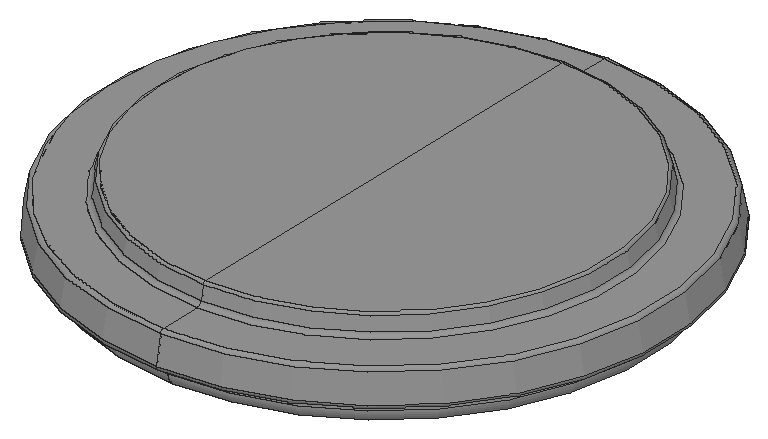
Revit family "FMK12_63_UN_Surface-mounted_ETK", category Lighting Fixtures, Revit 2017 (continued)
Definition of nested family "FMK.1 - Lightsource"
  Types (13, lengths in mm): name | Wattage Comments | Photometric Web File | built-in parameter 1150142 | Apparent Load
    FMK.1139.10N - Ø250x48 / 12W | "12W" | "FMK.1139.10n.ies" | "IESNA:LM-63-2002\r\n[TEST] /2015\r\n[TESTLAB] ies2eulumdat.appspot.com\r\n[ISSUEDATE] 2021-06-16T09:00:21.829\r\n[MANUFAC] www.etk.nl\r\n[LUMCAT] FMK.1109.10\r\n[LUMINAIRE] FMK.1 LED 12W 3000/4000/5700K ø250 niet dimbaar\r\n[LAMPCAT] LED\r\n[LAMP] LED\r\nTILT=NONE\r\n1\t1150\t1\t46\t180\t1\t2\t-0.250\t-0.250\t0\r\n1.0\t1.0\t11.80\r\n0\t 2\t 4\t 6\t 8\t 10\t 12\t 14\t 16\t 18\r\n20\t 22\t 24\t 26\t 28\t 30\t 32\t 34\t 36\t 38\r\n40\t 42\t 44\t 46\t 48\t 50\t 52\t 54\t 56\t 58\r\n60\t 62\t 64\t 66\t 68\t 70\t 72\t 74\t 76\t 78\r\n80\t 82\t 84\t 86\t 88\t 90\r\n0\t 2\t 4\t 6\t 8\t 10\t 12\t 14\t 16\t 18\r\n20\t 22\t 24\t 26\t 28\t 30\t 32\t 34\t 36\t 38\r\n40\t 42\t 44\t 46\t 48\t 50\t 52\t 54\t 56\t 58\r\n60\t 62\t 64\t 66\t 68\t 70\t 72\t 74\t 76\t 78\r\n80\t 82\t 84\t 86\t 88\t 90\t 92\t 94\t 96\t 98\r\n100\t 102\t 104\t 106\t 108\t 110\t 112\t 114\t 116\t 118\r\n120\t 122\t 124\t 126\t 128\t 130\t 132\t 134\t 136\t 138\r\n140\t 142\t 144\t 146\t 148\t 150\t 152\t 154\t 156\t 158\r\n160\t 162\t 164\t 166\t 168\t 170\t 172\t 174\t 176\t 178\r\n180\t 182\t 184\t 186\t 188\t 190\t 192\t 194\t 196\t 198\r\n200\t 202\t 204\t 206\t 208\t 210\t 212\t 214\t 216\t 218\r\n220\t 222\t 224\t 226\t 228\t 230\t 232\t 234\t 236\t 238\r\n240\t 242\t 244\t 246\t 248\t 250\t 252\t 254\t 256\t 258\r\n260\t 262\t 264\t 266\t 268\t 270\t 272\t 274\t 276\t 278\r\n280\t 282\t 284\t 286\t 288\t 290\t 292\t 294\t 296\t 298\r\n300\t 302\t 304\t 306\t 308\t 310\t 312\t 314\t 316\t 318\r\n320\t 322\t 324\t 326\t 328\t 330\t 332\t 334\t 336\t 338\r\n340\t 342\t 344\t 346\t 348\t 350\t 352\t 354\t 356\t 358\r\n\r\n405.3384\t404.7765\t404.2265\t402.9975\t401.1013\t399.2051\t395.3191\t391.4331\t387.5471\t383.661\r\n379.7751\t373.4779\t367.169\t360.8717\t354.5746\t348.2657\t339.7094\t331.1415\t322.5852\t314.029\r\n305.461\t294.8096\t284.1582\t273.5069\t262.8555\t252.2041\t239.7267\t227.261\t214.7837\t202.3181\r\n189.8525\t177.3751\t164.9094\t152.432\t139.9664\t127.4891\t0\t0\t0\t0\r\n0\t0\t0\t0\t0\t0\r\n405.3384\t404.7925\t404.2577\t403.0448\t401.1686\t399.2994\t395.4335\t391.5606\t387.7102\t383.8203\r\n379.9334\t373.6444\t367.3443\t361.0453\t354.7325\t348.4388\t339.8983\t331.3616\t322.8117\t314.2627\r\n305.722\t295.0872\t284.4404\t273.8022\t263.1576\t252.5163\t240.0548\t227.5873\t215.131\t202.664\r\n190.1945\t177.7378\t165.2697\t152.8012\t140.3312\t128.1946\t0.3296\t0\t0\t0\r\n0\t0\t0\t0\t0\t0\r\n405.3384\t404.8094\t404.2892\t403.0935\t401.2796\t399.4809\t395.6213\t391.7396\t387.8385\t383.9437\r\n380.072\t373.802\t367.5085\t361.2065\t354.9129\t348.6531\t340.137\t331.5961\t323.0451\t314.5012\r\n305.9895\t295.3818\t284.734\t274.0862\t263.4264\t252.8071\t240.376\t227.9231\t215.4572\t202.995\r\n190.53\t178.0631\t165.6056\t153.1389\t140.6717\t129.4859\t1.3419\t0\t0\t0\r\n0\t0\t0\t0\t0\t0\r\n405.3384\t404.8271\t404.3209\t403.1488\t401.3532\t399.5783\t395.7291\t391.8382\t387.9181\t384.0265\r\n380.1901\t373.9544\t367.6616\t361.3486\t355.0482\t348.8012\t340.3437\t331.8018\t323.2501\t314.6929\r\n306.2129\t295.662\t285.012\t274.3604\t263.7094\t253.1247\t240.74\t228.2758\t215.8122\t203.3491\r\n190.8749\t178.4127\t165.9503\t153.4898\t141.027\t131.3458\t3.1025\t0\t0\t0\r\n0\t0\t0\t0\t0\t0\r\n405.3384\t404.8458\t404.3591\t403.1978\t401.4167\t399.6486\t395.7816\t391.8937\t388.0038\t384.1068\r\n380.2987\t374.1143\t367.817\t361.5156\t355.2003\t348.9967\t340.5979\t332.043\t323.4957\t314.942\r\n306.4955\t295.9896\t285.3021\t274.6328\t263.9659\t253.4202\t241.0823\t228.6129\t216.1591\t203.6915\r\n191.2234\t178.7558\t166.3001\t153.8352\t141.371\t133.6544\t5.718\t0\t0\t0\r\n0\t0\t0\t0\t0\t0\r\n405.3384\t404.8652\t404.3908\t403.2459\t401.4706\t399.6646\t395.8675\t391.9843\t388.0857\t384.1821\r\n380.4316\t374.3456\t368.0256\t361.7021\t355.3697\t349.2\t340.8799\t332.2872\t323.6935\t315.0968\r\n306.6804\t296.3012\t285.6181\t274.9391\t264.248\t253.707\t241.4578\t228.9766\t216.4988\t204.0245\r\n191.5571\t179.0864\t166.6186\t154.1544\t141.6922\t136.24\t9.3369\t0\t0\t0\r\n0\t0\t0\t0\t0\t0\r\n405.3384\t404.8854\t404.4219\t403.2933\t401.5055\t399.7186\t395.9651\t392.0842\t388.1903\t384.3067\r\n380.5784\t374.5562\t368.2162\t361.8639\t355.4958\t349.3364\t341.1183\t332.5123\t323.9013\t315.2964\r\n306.9063\t296.6299\t285.9122\t275.1976\t264.4831\t253.9575\t241.8218\t229.3201\t216.8328\t204.3396\r\n191.8483\t179.3695\t166.8926\t154.4222\t141.9565\t138.8551\t14.1501\t0\t0\t0\r\n0\t0\t0\t0\t0\t0\r\n405.3384\t404.9066\t404.4521\t403.3398\t401.5506\t399.7766\t396.0731\t392.2029\t388.3231\t384.3922\r\n380.6589\t374.7488\t368.3792\t361.9898\t355.5837\t349.4181\t341.3685\t332.7528\t324.1099\t315.4532\r\n307.0598\t296.9581\t286.2249\t275.4731\t264.7159\t254.1799\t242.1928\t229.6762\t217.1659\t204.6692\r\n192.1717\t179.6758\t167.1817\t154.6978\t142.2295\t141.3105\t20.401\t0\t0\t0\r\n0\t0\t0\t0\t0\t0\r\n405.3384\t404.9688\t404.4817\t403.3908\t401.5946\t399.8358\t396.2032\t392.3475\t388.4203\t384.4425\r\n380.7195\t374.9437\t368.5473\t362.1238\t355.6851\t349.5134\t341.9282\t332.9785\t324.3069\t315.6402\r\n306.9436\t297.5694\t286.5262\t275.7395\t264.9593\t254.1623\t242.7912\t230.0358\t217.5005\t204.986\r\n192.4711\t179.9636\t167.4644\t154.9748\t142.4941\t143.2492\t28.3764\t0\t0\t0\r\n0\t0\t0\t0\t0\t0\r\n405.3384\t404.9901\t404.5102\t403.434\t401.6375\t399.8986\t396.3675\t392.4653\t388.4946\t384.4886\r\n380.7515\t375.1532\t368.7296\t362.2829\t355.7949\t349.2691\t342.1908\t333.257\t324.528\t315.7751\r\n307.0363\t297.9246\t286.8722\t276.0236\t265.1733\t254.3419\t243.18\t230.433\t217.8766\t205.3224\r\n192.7845\t180.2462\t167.7206\t155.2142\t142.724\t144.3059\t38.4235\t0\t0\t0\r\n0\t0\t0\t0\t0\t0\r\n405.3384\t405.0108\t404.5376\t403.4745\t401.6757\t399.9613\t396.5103\t392.5677\t388.5717\t384.5293\r\n380.4421\t375.6788\t368.9428\t362.4278\t355.8852\t349.3419\t342.4468\t333.4846\t324.7196\t315.9401\r\n307.1422\t298.1755\t287.1691\t276.2852\t265.4162\t254.5351\t243.54\t230.8321\t218.2158\t205.6051\r\n193.0422\t180.5018\t167.9628\t155.4439\t142.9509\t130.4715\t80.1717\t0\t0\t0\r\n0\t0\t0\t0\t0\t0\r\n405.3384\t405.0308\t404.5638\t403.5122\t401.7197\t400.0344\t396.6479\t392.675\t388.642\t384.5539\r\n380.446\t375.8849\t369.1475\t362.5941\t356.0076\t349.3402\t342.606\t333.7678\t324.9507\t316.0958\r\n307.1888\t298.3823\t287.5427\t276.5987\t265.6547\t254.6769\t243.7733\t231.1892\t218.5583\t205.9536\r\n193.3574\t180.7795\t168.2176\t155.6732\t143.1664\t130.6811\t92.6587\t0\t0\t0\r\n0\t0\t0\t0\t0\t0\r\n405.3384\t405.0504\t404.5956\t403.547\t401.7653\t400.0733\t397.0342\t392.7846\t388.7175\t384.6009\r\n380.4658\t376.0643\t369.3866\t362.7735\t356.0799\t349.3699\t342.7566\t334.0832\t325.1628\t316.2179\r\n307.2752\t298.5357\t287.9146\t276.8913\t265.8705\t254.8646\t244.0337\t231.6235\t218.9315\t206.265\r\n193.6356\t181.0339\t168.4572\t155.9156\t143.3861\t130.8825\t104.473\t0\t0\t0\r\n0\t0\t0\t0\t0\t0\r\n405.3384\t405.0692\t404.6173\t403.5726\t401.812\t400.0922\t397.1653\t392.8976\t388.795\t384.6787\r\n380.4567\t376.1942\t369.6246\t362.9226\t356.2055\t349.4272\t342.8367\t334.3769\t325.3805\t316.3703\r\n307.3625\t298.3377\t288.5546\t277.2123\t266.1258\t255.0391\t244.1559\t232.0335\t219.3073\t206.6258\r\n193.9576\t181.3129\t168.7045\t156.1324\t143.5875\t131.0872\t115.0185\t0\t0\t0\r\n0\t0\t0\t0\t0\t0\r\n405.3384\t405.0876\t404.6362\t403.6022\t401.8688\t399.828\t397.2783\t392.9976\t388.9023\t384.7385\r\n380.4432\t376.2623\t369.8607\t363.1303\t356.3361\t349.4819\t342.5273\t334.9205\t325.6274\t316.563\r\n307.4647\t298.325\t288.8953\t277.552\t266.3836\t255.2249\t244.066\t232.6598\t219.71\t206.9637\r\n194.2635\t181.5828\t168.9417\t156.3369\t143.7678\t131.2452\t123.6219\t0\t0\t0\r\n0\t0\t0\t0\t0\t0\r\n405.3384\t405.1054\t404.6527\t403.6299\t401.9954\t399.8313\t397.3825\t393.1311\t389.0376\t384.7914\r\n380.4256\t376.2601\t370.1442\t363.3441\t356.5\t349.5195\t342.4467\t335.1645\t325.9313\t316.7695\r\n307.548\t298.3169\t289.1161\t277.9297\t266.651\t255.4032\t244.1853\t232.9715\t220.1319\t207.3312\r\n194.5444\t181.8166\t169.148\t156.5181\t143.9438\t131.4005\t129.5504\t10.7169\t0\t0\r\n0\t0\t0\t0\t0\t0\r\n405.3384\t405.1227\t404.6665\t403.6558\t402.0282\t399.8387\t397.4732\t393.2952\t389.1616\t384.8421\r\n380.4176\t375.9014\t370.721\t363.6037\t356.6569\t349.5494\t342.4061\t335.3294\t326.2421\t316.9739\r\n307.6665\t298.3454\t289.1781\t278.2878\t266.963\t255.6467\t244.3238\t233.1536\t220.5163\t207.6577\r\n194.8355\t182.0686\t169.3482\t156.6677\t144.0408\t131.4715\t131.8453\t25.923\t0\t0\r\n0\t0\t0\t0\t0\t0\r\n405.3384\t405.1396\t404.6776\t403.6776\t402.0538\t399.8619\t397.5341\t393.5083\t389.2881\t384.8846\r\n380.4261\t375.832\t370.9139\t363.9038\t356.8028\t349.6355\t342.4017\t335.332\t326.5796\t317.2212\r\n307.8198\t298.3417\t288.8594\t278.9905\t267.339\t255.8866\t244.4302\t233.0061\t221.1259\t208.0094\r\n195.1274\t182.2902\t169.5075\t156.7928\t144.1389\t131.538\t118.9821\t72.5747\t0\t0\r\n0\t0\t0\t0\t0\t0\r\n405.3384\t405.1559\t404.686\t403.7113\t402.0482\t399.882\t397.6063\t393.7003\t389.4083\t384.9648\r\n380.4586\t375.7543\t371.0891\t364.165\t357.0131\t349.7518\t342.4103\t334.9484\t327.1548\t317.4999\r\n307.9709\t298.3923\t288.8332\t279.2321\t267.7019\t256.1485\t244.593\t233.049\t221.4516\t208.379\r\n195.4187\t182.5259\t169.6952\t156.9157\t144.2105\t131.5685\t118.9925\t91.6472\t0\t0\r\n0\t0\t0\t0\t0\t0\r\n405.3384\t405.1718\t404.6918\t403.7304\t402.0748\t399.9057\t397.6713\t393.8957\t389.5114\t385.088\r\n380.4979\t375.7076\t371.0587\t364.4889\t357.2386\t349.9042\t342.4218\t334.8539\t327.2884\t317.8216\r\n308.1836\t298.5219\t288.784\t279.2695\t268.1369\t256.4569\t244.7869\t233.1079\t221.6219\t208.7797\r\n195.7476\t182.7712\t169.842\t157.0084\t144.2669\t131.5897\t118.9856\t106.3522\t0\t0\r\n0\t0\t0\t0\t0\t0\r\n405.3384\t405.1872\t404.677\t403.7455\t402.1069\t399.9332\t397.7438\t394.3242\t389.6719\t385.2237\r\n380.5442\t375.6807\t370.6129\t365.0631\t357.5309\t350.0674\t342.4859\t334.7817\t327.2448\t318.4473\r\n308.4635\t298.6371\t288.784\t278.8955\t268.7927\t256.8209\t244.9966\t233.2361\t221.4851\t209.3772\r\n196.0586\t182.9925\t170.014\t157.1221\t144.303\t131.5659\t118.922\t115.4507\t0.7529\t0\r\n0\t0\t0\t0\t0\t0\r\n405.3384\t405.2023\t404.5924\t403.7567\t402.1445\t399.9518\t397.5215\t394.4699\t389.8906\t385.382\r\n380.6063\t375.6074\t370.4961\t365.1827\t357.8531\t350.2794\t342.5728\t334.767\t326.8088\t318.7303\r\n308.7717\t298.8224\t288.8326\t278.8036\t268.8778\t257.2662\t245.3121\t233.3885\t221.4719\t209.6291\r\n196.4163\t183.2663\t170.1886\t157.217\t144.3317\t131.5459\t118.8227\t106.1876\t17.4697\t0\r\n0\t0\t0\t0\t0\t0\r\n405.3384\t405.217\t404.5944\t403.7643\t402.2164\t399.9969\t397.5215\t394.5348\t390.1198\t385.5481\r\n380.6842\t375.579\t370.3695\t365.1761\t358.5091\t350.5396\t342.7377\t334.7731\t326.7113\t318.7291\r\n309.1553\t299.0695\t288.9289\t278.7193\t268.5571\t257.9194\t245.6422\t233.5555\t221.5159\t209.6959\r\n196.8141\t183.564\t170.3986\t157.3153\t144.3298\t131.4311\t118.6433\t105.963\t65.2493\t0\r\n0\t0\t0\t0\t0\t0\r\n405.3384\t405.2314\t404.597\t403.7683\t402.259\t400.1387\t397.5142\t394.6254\t390.3718\t385.7346\r\n380.7618\t375.6336\t370.2359\t364.7113\t358.7633\t350.8369\t342.942\t334.8576\t326.6208\t318.2983\r\n309.7123\t299.3766\t289.0811\t278.7695\t268.3526\t258.0866\t246.0418\t233.822\t221.6258\t209.5032\r\n197.3492\t183.8918\t170.5912\t157.4067\t144.3357\t131.3476\t118.48\t105.7362\t86.9291\t0\r\n0\t0\t0\t0\t0\t0\r\n405.3384\t405.2454\t404.6007\t403.7691\t402.2969\t400.2013\t397.5194\t394.7022\t390.8756\t385.9297\r\n380.8283\t375.6809\t370.2029\t364.5257\t358.7975\t351.2443\t343.1931\t334.9798\t326.6184\t318.1094\r\n309.6994\t299.7814\t289.3562\t278.8261\t268.235\t257.6488\t246.725\t234.1375\t221.8235\t209.5282\r\n197.4412\t184.2693\t170.8692\t157.5318\t144.3183\t131.2485\t118.3192\t105.4985\t99.8452\t0\r\n0\t0\t0\t0\t0\t0\r\n405.3384\t405.2465\t404.6055\t403.7327\t402.33\t400.28\t397.5374\t394.7758\t391.1064\t386.1222\r\n380.9814\t375.6963\t370.1916\t364.3689\t358.3019\t351.8681\t343.551\t335.1761\t326.6651\t318.0094\r\n309.224\t300.3263\t289.676\t278.9673\t268.2109\t257.4449\t246.79\t234.5954\t222.0662\t209.6096\r\n197.2538\t184.796\t171.1111\t157.6776\t144.3725\t131.1929\t118.1378\t105.2239\t92.4606\t7.417\r\n0\t0\t0\t0\t0\t0\r\n405.3384\t405.26\t404.6117\t403.7331\t402.3583\t400.3318\t397.5727\t394.5667\t391.2865\t386.3445\r\n381.2477\t375.7985\t370.1959\t364.244\t358.0878\t351.9228\t343.9437\t335.4465\t326.8059\t317.9911\r\n309.0489\t300.2024\t290.2985\t279.2004\t268.2951\t257.2789\t246.344\t235.2056\t222.4167\t209.7955\r\n197.2042\t184.8605\t171.4948\t157.9091\t144.4487\t131.1247\t117.9609\t104.9565\t92.1149\t52.9313\r\n0\t0\t0\t0\t0\t0\r\n405.3384\t405.2736\t404.6193\t403.7351\t402.3811\t400.3748\t397.6302\t394.5872\t391.3781\t386.8119\r\n381.4951\t375.9993\t370.2514\t364.1293\t357.9116\t351.3889\t344.5079\t335.822\t327.0416\t318.0736\r\n308.9557\t299.6921\t290.3569\t279.5927\t268.421\t257.3226\t246.1\t234.903\t222.8814\t210.0311\r\n197.2958\t184.6475\t172.0079\t158.165\t144.5452\t131.0796\t117.7978\t104.7315\t91.8426\t76.8551\r\n0\t0\t0\t0\t0\t0\r\n405.3384\t405.2871\t404.6284\t403.7382\t402.383\t400.4092\t397.8019\t394.6157\t391.382\t386.9759\r\n381.7537\t376.2214\t370.3501\t364.1175\t357.7917\t351.1064\t344.4201\t336.5393\t327.3814\t318.2587\r\n308.9705\t299.4656\t289.8818\t280.0753\t268.8078\t257.4031\t245.984\t234.5829\t223.2864\t210.4452\r\n197.4796\t184.6232\t171.8738\t158.4916\t144.6856\t131.1101\t117.7175\t104.5034\t91.5471\t87.0893\r\n0\t0\t0\t0\t0\t0\r\n405.3384\t405.3008\t404.6392\t403.7418\t402.3989\t400.4352\t397.8747\t394.6614\t391.0674\t387.1128\r\n382.2229\t376.4632\t370.4832\t364.2203\t357.7251\t350.8963\t343.8101\t336.6669\t327.8215\t318.561\r\n309.1145\t299.4337\t289.6313\t279.6987\t269.4041\t257.6346\t246.0417\t234.3777\t222.7877\t211.0609\r\n197.8041\t184.6956\t171.7174\t158.9026\t144.9461\t131.1605\t117.657\t104.3263\t91.2411\t78.3968\r\n8.6356\t0\t0\t0\t0\t0\r\n405.3384\t405.3146\t404.6518\t403.7453\t402.4116\t400.4333\t397.9374\t394.7255\t391.0189\t387.2362\r\n382.4741\t376.7553\t370.621\t364.3583\t357.712\t350.7498\t343.5434\t336.0689\t328.3754\t318.9975\r\n309.3575\t299.5473\t289.484\t279.3984\t269.2587\t258.261\t246.2079\t234.3624\t222.4746\t210.6739\r\n198.3975\t184.9162\t171.7187\t158.643\t145.2545\t131.3415\t117.6016\t104.16\t90.981\t78.0548\r\n54.1337\t0\t0\t0\t0\t0\r\n405.3384\t405.4889\t404.6945\t403.6712\t402.4205\t400.4506\t397.9834\t394.8928\t390.9998\t386.973\r\n382.6577\t377.3141\t370.8707\t364.5641\t357.7877\t350.7046\t343.3801\t335.7208\t327.8525\t319.6767\r\n309.7968\t299.7787\t289.6134\t279.2245\t268.6962\t258.2578\t246.6038\t234.4814\t222.3847\t210.2821\r\n198.4381\t185.3347\t171.8446\t158.564\t145.4985\t131.5442\t117.6455\t104.0124\t90.7095\t77.7184\r\n71.0115\t0\t0\t0\t0\t0\r\n405.3384\t405.5009\t404.7104\t403.6809\t402.4254\t400.4644\t398.0198\t394.9896\t391.014\t386.9406\r\n382.6666\t377.537\t371.2201\t364.837\t357.9545\t350.7593\t343.2926\t335.5022\t327.46\t319.1538\r\n310.4783\t300.1684\t289.8497\t279.2431\t268.5397\t257.661\t246.8589\t234.8353\t222.4783\t210.092\r\n197.8192\t185.7046\t172.2109\t158.5712\t145.1721\t131.9025\t117.7262\t103.9048\t90.5045\t77.4349\r\n64.724\t0\t0\t0\t0\t0\r\n405.3384\t405.512\t404.7274\t403.6949\t402.4256\t400.4737\t398.0459\t395.0319\t391.1349\t386.9314\r\n382.368\t377.565\t371.7894\t365.1647\t358.2122\t350.925\t343.2805\t335.4297\t327.1908\t318.7224\r\n309.9642\t300.886\t290.2777\t279.5029\t268.5805\t257.4726\t246.2239\t235.0727\t222.7881\t210.1727\r\n197.5617\t185.0625\t172.6371\t158.8143\t145.0846\t131.6118\t117.8827\t103.9322\t90.3265\t77.1744\r\n64.48\t35.0653\t0\t0\t0\t0\r\n405.3384\t405.522\t404.7455\t403.7452\t402.4209\t400.4773\t398.0588\t395.0488\t391.1753\t387.0135\r\n382.3352\t377.2242\t371.9159\t365.7147\t358.5534\t351.2243\t343.4254\t335.4792\t327.0606\t318.4772\r\n309.4696\t300.3065\t290.8705\t280.0089\t268.8629\t257.5392\t246.0377\t234.4621\t222.8965\t210.6316\r\n197.5873\t184.7291\t171.9505\t159.2993\t145.2866\t131.4601\t118.0115\t103.9741\t90.2222\t76.9361\r\n64.1798\t56.618\t0\t0\t0\t0\r\n405.3384\t405.5308\t404.7649\t403.7651\t402.3395\t400.4737\t398.0593\t395.0424\t391.207\t387.0567\r\n382.3506\t377.1527\t371.6378\t365.821\t359.1154\t351.6039\t343.7387\t335.6237\t327.116\t318.3892\r\n309.185\t299.8538\t290.1589\t280.4669\t269.6277\t257.8645\t246.1541\t234.2897\t222.3665\t210.3175\r\n198.0481\t184.7232\t171.6272\t158.6683\t145.768\t131.577\t117.6798\t104.1455\t90.1031\t76.7097\r\n63.9092\t51.7004\t0\t0\t0\t0\r\n405.3384\t405.5388\t404.7856\t403.7878\t402.34\t400.4766\t398.0469\t395.016\t391.2276\t387.086\r\n382.4782\t377.1848\t371.6139\t365.5258\t359.2193\t352.1252\t344.383\t335.9209\t327.3527\t318.4608\r\n309.1505\t299.601\t289.7392\t279.6691\t269.2868\t258.5846\t246.5891\t234.456\t222.2595\t209.9698\r\n197.5743\t185.146\t171.655\t158.2647\t145.101\t132.0467\t117.7168\t103.7776\t90.1162\t76.5416\r\n63.6537\t51.4481\t11.4644\t0\t0\t0\r\n405.3384\t405.5455\t404.8079\t403.8136\t402.3469\t400.3632\t398.021\t394.9736\t391.2361\t387.0991\r\n382.4999\t377.3413\t371.7228\t365.4801\t358.9167\t352.0852\t344.7107\t336.4982\t327.7775\t318.7203\r\n309.3167\t299.5744\t289.5996\t279.3072\t268.7148\t257.8887\t247.047\t235.2639\t222.5436\t209.9771\r\n197.2699\t184.5597\t171.885\t158.2865\t144.6692\t131.337\t118.1829\t103.7905\t89.9666\t76.4265\r\n63.4089\t51.1676\t44.0861\t0\t0\t0\r\n405.3384\t405.5513\t404.9774\t403.8429\t402.3609\t400.3505\t397.8886\t394.8898\t391.2407\t387.0953\r\n382.4979\t377.3824\t371.7634\t365.5989\t358.905\t351.812\t344.4396\t336.63\t328.3847\t319.3177\r\n309.7407\t299.8087\t289.728\t279.2246\t268.459\t257.4328\t246.1417\t234.7065\t223.2024\t210.4254\r\n197.4644\t184.3923\t171.2764\t158.1367\t144.9817\t130.9885\t117.4819\t104.1949\t89.9202\t76.3115\r\n63.1698\t50.8615\t39.4911\t0\t0\t0\r\n405.3384\t405.5559\t404.9992\t403.8756\t402.382\t400.349\t397.8573\t394.7468\t391.2145\t387.0848\r\n382.4587\t377.3893\t371.7642\t365.6347\t359.0468\t351.9462\t344.3869\t336.3706\t328.1386\t319.4674\r\n310.3444\t300.4744\t290.1739\t279.4322\t268.5321\t257.3547\t245.836\t234.1207\t222.3374\t210.1954\r\n198.078\t184.7804\t171.3331\t157.8412\t144.3958\t131.1966\t117.2105\t103.4803\t90.2145\t76.2405\r\n62.9998\t50.5463\t39.207\t5.7837\t0\t0\r\n
